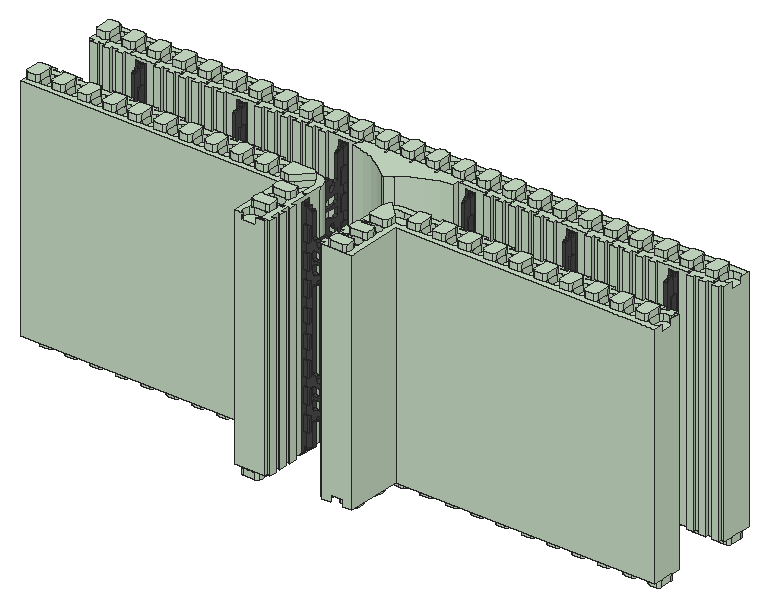
Revit family "ICF- NUDURA 4-inch- Short T Form Unit- Imperial", category Generic Models, Revit 2011 (continued)
Definition of nested family "NUDURA Logo Diamond"
  Lines and regions (in)
    model lines
      curve 182: line (11.68379, 0, 5.75355) -> (12.31108, 0, 5.92483)
      curve 183: line (12.31108, 0, 5.92483) -> (12.31108, 0, 6.28791)
      curve 184: line (12.31108, 0, 6.28791) -> (11.76249, 0, 6.67694)
      curve 185: line (11.76249, 0, 6.67694) -> (11.90321, 0, 6.67694)
      curve 186: line (12.31108, 0, 6.78674) -> (12.31108, 0, 7.63562)
      curve 187: line (12.31108, 0, 7.63562) -> (11.90258, 0, 7.7271)
      curve 188: line (11.82444, 0, 7.82469) -> (11.82444, 0, 7.92839)
      curve 189: line (11.88536, 0, 7.97718) -> (12.31108, 0, 7.88185)
      curve 190: line (12.31108, 0, 7.88185) -> (12.31108, 0, 8.13496)
      curve 191: line (12.31108, 0, 8.13496) -> (12.08042, 0, 8.17826)
      curve 192: line (12.31108, 0, 8.38353) -> (12.31108, 0, 8.9465)
      curve 193: line (12.31108, 0, 8.9465) -> (12.17077, 0, 8.97771)
      curve 194: line (12.17077, 0, 8.97771) -> (12.17077, 0, 8.55476)
      curve 195: line (12.31108, 0, 8.97792) -> (12.31108, 0, 9.21905)
      curve 196: line (12.31108, 0, 9.21905) -> (11.90258, 0, 9.31053)
      curve 197: line (11.82444, 0, 9.40811) -> (11.82444, 0, 9.51182)
      curve 198: line (11.87938, 0, 9.56195) -> (12.31108, 0, 9.46528)
      curve 199: line (12.31108, 0, 9.46528) -> (12.31108, 0, 9.98469)
      curve 200: line (12.31108, 0, 9.98469) -> (11.90664, 0, 10.07526)
      curve 201: line (11.90664, 0, 10.07526) -> (12.31108, 0, 10.20747)
      curve 202: line (12.31108, 0, 10.20747) -> (12.31108, 0, 10.60411)
      curve 203: arc (11.68379, 0, 9.65536) -> (11.73801, 0, 9.7708) -> (11.86146, 0, 9.80279) r 0.15
      curve 204: arc (11.68379, 0, 9.35864) -> (11.74962, 0, 9.17112) -> (11.91823, 0, 9.06589) r 0.3
      curve 205: arc (11.84417, 0, 8.22149) -> (11.72718, 0, 8.32679) -> (11.68379, 0, 8.47809) r 0.28547
      curve 206: arc (11.68379, 0, 8.07193) -> (11.73147, 0, 8.18158) -> (11.84417, 0, 8.22149) r 0.14992
      curve 207: arc (11.68379, 0, 7.77522) -> (11.74962, 0, 7.58769) -> (11.91823, 0, 7.48247) r 0.3
      curve 208: arc (11.82444, 0, 7.82469) -> (11.84638, 0, 7.76218) -> (11.90258, 0, 7.7271) r 0.1
      curve 209: arc (11.82444, 0, 7.92839) -> (11.84318, 0, 7.96742) -> (11.88536, 0, 7.97718) r 0.05
      curve 210: arc (12.12077, 0, 6.90405) -> (12.08541, 0, 6.91869) -> (12.07077, 0, 6.95405) r 0.05
      curve 211: arc (12.16108, 0, 6.90405) -> (12.19644, 0, 6.91869) -> (12.21108, 0, 6.95405) r 0.05
      curve 212: arc (11.97077, 0, 6.99425) -> (11.95612, 0, 6.95889) -> (11.92077, 0, 6.94425) r 0.05
      curve 213: arc (11.90321, 0, 6.67694) -> (11.96756, 0, 6.70069) -> (12.00104, 0, 6.76055) r 0.09904
      curve 214: arc (12.00104, 0, 6.76055) -> (12.1681, 0, 6.63117) -> (12.31108, 0, 6.78674) r 0.15613
      curve 215: arc (12.08042, 0, 8.17826) -> (12.24181, 0, 8.22914) -> (12.31108, 0, 8.38353) r 0.20667
      curve 216: arc (11.82444, 0, 8.55476) -> (11.9976, 0, 8.3816) -> (12.17077, 0, 8.55476) r 0.17317
      curve 217: arc (11.82444, 0, 9.40811) -> (11.84638, 0, 9.34561) -> (11.90258, 0, 9.31053) r 0.1
      curve 218: arc (11.82444, 0, 9.51182) -> (11.8459, 0, 9.55306) -> (11.892, 0, 9.55913) r 0.05034
      curve 219: arc (11.24744, 0, 12.12855) -> (11.35727, 0, 12.39372) -> (11.62244, 0, 12.50355) r 0.375
      curve 220: arc (12.37244, 0, 12.50355) -> (12.6376, 0, 12.39372) -> (12.74744, 0, 12.12855) r 0.375
      curve 221: arc (11.24744, 0, 5.87855) -> (11.35727, 0, 5.61339) -> (11.62244, 0, 5.50355) r 0.375
      curve 222: arc (12.37244, 0, 5.50355) -> (12.6376, 0, 5.61339) -> (12.74744, 0, 5.87855) r 0.375
      curve 223: line (9.99744, 0, 18) -> (9.99744, 0, 0)
      curve 224: line (13.99744, 0, 18) -> (13.99744, 0, 0)
      curve 225: line (15.99744, 0, 18) -> (15.99744, 0, 0)
Definition of nested family "NUDURA Diamond Pattern"
  Reference planes (in)
    plane 1 "Center (Front/Back)": y = 0
    plane 2: z = 0
    plane 3 "Center (Left/Right)": x = 0
    plane 4: z = 18
  Lines and regions (in)
    model lines
      curve 1: line (8, -5.625, 18) -> (8, -5.625, 0)
      curve 2: line (6, -5.625, 18) -> (6, -5.625, 0)
      curve 3: line (2, -5.625, 18) -> (2, -5.625, 0)
      curve 4: line (3.35367, -5.625, 16.98484) -> (3.69709, -5.625, 16.64142)
      curve 5: arc (3.35367, -5.625, 17.51517) -> (3.24384, -5.625, 17.25) -> (3.35367, -5.625, 16.98484) r 0.375
      curve 6: line (3.72867, -5.625, 17.89017) -> (3.35367, -5.625, 17.51517)
      curve 7: arc (4.259, -5.625, 17.89017) -> (3.99384, -5.625, 18) -> (3.72867, -5.625, 17.89017) r 0.375
      curve 8: line (4.634, -5.625, 17.51517) -> (4.259, -5.625, 17.89017)
      curve 9: arc (4.634, -5.625, 16.98484) -> (4.74384, -5.625, 17.25) -> (4.634, -5.625, 17.51517) r 0.375
      curve 10: line (4.29059, -5.625, 16.64142) -> (4.634, -5.625, 16.98484)
      curve 11: arc (4.17062, -5.625, 17.80178) -> (3.99384, -5.625, 17.875) -> (3.81706, -5.625, 17.80178) r 0.25
      curve 12: line (4.54562, -5.625, 17.42678) -> (4.17062, -5.625, 17.80178)
      curve 13: arc (4.54562, -5.625, 17.07322) -> (4.61884, -5.625, 17.25) -> (4.54562, -5.625, 17.42678) r 0.25
      curve 14: line (4.17062, -5.625, 16.69822) -> (4.54562, -5.625, 17.07322)
      curve 15: arc (3.81706, -5.625, 16.69822) -> (3.99384, -5.625, 16.625) -> (4.17062, -5.625, 16.69822) r 0.25
      curve 16: line (3.44206, -5.625, 17.07322) -> (3.81706, -5.625, 16.69822)
      curve 17: arc (3.44206, -5.625, 17.42678) -> (3.36884, -5.625, 17.25) -> (3.44206, -5.625, 17.07322) r 0.25
      curve 18: line (3.81706, -5.625, 17.80178) -> (3.44206, -5.625, 17.42678)
      curve 19: arc (3.69709, -5.625, 16.35858) -> (3.75567, -5.625, 16.5) -> (3.69709, -5.625, 16.64142) r 0.2
      curve 20: line (4.634, -5.625, 16.01517) -> (4.29059, -5.625, 16.35858)
      curve 21: arc (4.634, -5.625, 15.48484) -> (4.74384, -5.625, 15.75) -> (4.634, -5.625, 16.01517) r 0.375
      curve 22: line (4.29059, -5.625, 15.14142) -> (4.634, -5.625, 15.48484)
      curve 23: line (3.35367, -5.625, 15.48484) -> (3.69709, -5.625, 15.14142)
      curve 24: arc (3.35367, -5.625, 16.01517) -> (3.24384, -5.625, 15.75) -> (3.35367, -5.625, 15.48484) r 0.375
      curve 25: line (3.69709, -5.625, 16.35858) -> (3.35367, -5.625, 16.01517)
      curve 26: arc (4.17062, -5.625, 16.30178) -> (3.99384, -5.625, 16.375) -> (3.81706, -5.625, 16.30178) r 0.25
      curve 27: line (3.81706, -5.625, 16.30178) -> (3.44206, -5.625, 15.92678)
      curve 28: arc (3.44206, -5.625, 15.92678) -> (3.36884, -5.625, 15.75) -> (3.44206, -5.625, 15.57322) r 0.25
      curve 29: line (3.44206, -5.625, 15.57322) -> (3.81706, -5.625, 15.19822)
      curve 30: arc (3.81706, -5.625, 15.19822) -> (3.99384, -5.625, 15.125) -> (4.17062, -5.625, 15.19822) r 0.25
      curve 31: line (4.17062, -5.625, 15.19822) -> (4.54562, -5.625, 15.57322)
      curve 32: arc (4.54562, -5.625, 15.57322) -> (4.61884, -5.625, 15.75) -> (4.54562, -5.625, 15.92678) r 0.25
      curve 33: line (4.54562, -5.625, 15.92678) -> (4.17062, -5.625, 16.30178)
      curve 34: arc (3.69709, -5.625, 14.85858) -> (3.75567, -5.625, 15) -> (3.69709, -5.625, 15.14142) r 0.2
      curve 35: line (4.634, -5.625, 14.51517) -> (4.29059, -5.625, 14.85858)
      curve 36: arc (4.634, -5.625, 13.98484) -> (4.74384, -5.625, 14.25) -> (4.634, -5.625, 14.51517) r 0.375
      curve 37: line (4.29059, -5.625, 13.64142) -> (4.634, -5.625, 13.98484)
      curve 38: line (3.35367, -5.625, 13.98484) -> (3.69709, -5.625, 13.64142)
      curve 39: arc (3.35367, -5.625, 14.51517) -> (3.24384, -5.625, 14.25) -> (3.35367, -5.625, 13.98484) r 0.375
      curve 40: line (3.69709, -5.625, 14.85858) -> (3.35367, -5.625, 14.51517)
      curve 41: arc (4.17062, -5.625, 14.80178) -> (3.99384, -5.625, 14.875) -> (3.81706, -5.625, 14.80178) r 0.25
      curve 42: line (3.81706, -5.625, 14.80178) -> (3.44206, -5.625, 14.42678)
      curve 43: arc (3.44206, -5.625, 14.42678) -> (3.36884, -5.625, 14.25) -> (3.44206, -5.625, 14.07322) r 0.25
      curve 44: line (3.44206, -5.625, 14.07322) -> (3.81706, -5.625, 13.69822)
      curve 45: arc (3.81706, -5.625, 13.69822) -> (3.99384, -5.625, 13.625) -> (4.17062, -5.625, 13.69822) r 0.25
      curve 46: line (4.17062, -5.625, 13.69822) -> (4.54562, -5.625, 14.07322)
      curve 47: arc (4.54562, -5.625, 14.07322) -> (4.61884, -5.625, 14.25) -> (4.54562, -5.625, 14.42678) r 0.25
      curve 48: line (4.54562, -5.625, 14.42678) -> (4.17062, -5.625, 14.80178)
      curve 49: arc (3.69709, -5.625, 13.35858) -> (3.75567, -5.625, 13.5) -> (3.69709, -5.625, 13.64142) r 0.2
      curve 50: line (4.634, -5.625, 13.01517) -> (4.29059, -5.625, 13.35858)
      curve 51: arc (4.634, -5.625, 12.48484) -> (4.74384, -5.625, 12.75) -> (4.634, -5.625, 13.01517) r 0.375
      curve 52: line (4.29059, -5.625, 12.14142) -> (4.634, -5.625, 12.48484)
      curve 53: line (3.35367, -5.625, 12.48484) -> (3.69709, -5.625, 12.14142)
      curve 54: arc (3.35367, -5.625, 13.01517) -> (3.24384, -5.625, 12.75) -> (3.35367, -5.625, 12.48484) r 0.375
      curve 55: line (3.69709, -5.625, 13.35858) -> (3.35367, -5.625, 13.01517)
      curve 56: arc (4.17062, -5.625, 13.30178) -> (3.99384, -5.625, 13.375) -> (3.81706, -5.625, 13.30178) r 0.25
      curve 57: line (3.81706, -5.625, 13.30178) -> (3.44206, -5.625, 12.92678)
      curve 58: arc (3.44206, -5.625, 12.92678) -> (3.36884, -5.625, 12.75) -> (3.44206, -5.625, 12.57322) r 0.25
      curve 59: line (3.44206, -5.625, 12.57322) -> (3.81706, -5.625, 12.19822)
      curve 60: arc (3.81706, -5.625, 12.19822) -> (3.99384, -5.625, 12.125) -> (4.17062, -5.625, 12.19822) r 0.25
      curve 61: line (4.17062, -5.625, 12.19822) -> (4.54562, -5.625, 12.57322)
      curve 62: arc (4.54562, -5.625, 12.57322) -> (4.61884, -5.625, 12.75) -> (4.54562, -5.625, 12.92678) r 0.25
      curve 63: line (4.54562, -5.625, 12.92678) -> (4.17062, -5.625, 13.30178)
      curve 64: arc (3.69709, -5.625, 11.85858) -> (3.75567, -5.625, 12) -> (3.69709, -5.625, 12.14142) r 0.2
      curve 65: line (4.634, -5.625, 11.51517) -> (4.29059, -5.625, 11.85858)
      curve 66: arc (4.634, -5.625, 10.98484) -> (4.74384, -5.625, 11.25) -> (4.634, -5.625, 11.51517) r 0.375
      curve 67: line (4.29059, -5.625, 10.64142) -> (4.634, -5.625, 10.98484)
      curve 68: line (3.35367, -5.625, 10.98484) -> (3.69709, -5.625, 10.64142)
      curve 69: arc (3.35367, -5.625, 11.51517) -> (3.24384, -5.625, 11.25) -> (3.35367, -5.625, 10.98484) r 0.375
      curve 70: line (3.69709, -5.625, 11.85858) -> (3.35367, -5.625, 11.51517)
      curve 71: arc (4.17062, -5.625, 11.80178) -> (3.99384, -5.625, 11.875) -> (3.81706, -5.625, 11.80178) r 0.25
      curve 72: line (3.81706, -5.625, 11.80178) -> (3.44206, -5.625, 11.42678)
      curve 73: arc (3.44206, -5.625, 11.42678) -> (3.36884, -5.625, 11.25) -> (3.44206, -5.625, 11.07322) r 0.25
      curve 74: line (3.44206, -5.625, 11.07322) -> (3.81706, -5.625, 10.69822)
      curve 75: arc (3.81706, -5.625, 10.69822) -> (3.99384, -5.625, 10.625) -> (4.17062, -5.625, 10.69822) r 0.25
      curve 76: line (4.17062, -5.625, 10.69822) -> (4.54562, -5.625, 11.07322)
      curve 77: arc (4.54562, -5.625, 11.07322) -> (4.61884, -5.625, 11.25) -> (4.54562, -5.625, 11.42678) r 0.25
      curve 78: line (4.54562, -5.625, 11.42678) -> (4.17062, -5.625, 11.80178)
      curve 79: arc (3.69709, -5.625, 10.35858) -> (3.75567, -5.625, 10.5) -> (3.69709, -5.625, 10.64142) r 0.2
      curve 80: line (4.634, -5.625, 10.01517) -> (4.29059, -5.625, 10.35858)
      curve 81: arc (4.634, -5.625, 9.48484) -> (4.74384, -5.625, 9.75) -> (4.634, -5.625, 10.01517) r 0.375
      curve 82: line (4.29059, -5.625, 9.14142) -> (4.634, -5.625, 9.48484)
      curve 83: line (3.35367, -5.625, 9.48484) -> (3.69709, -5.625, 9.14142)
      curve 84: arc (3.35367, -5.625, 10.01517) -> (3.24384, -5.625, 9.75) -> (3.35367, -5.625, 9.48484) r 0.375
      curve 85: line (3.69709, -5.625, 10.35858) -> (3.35367, -5.625, 10.01517)
      curve 86: arc (4.17062, -5.625, 10.30178) -> (3.99384, -5.625, 10.375) -> (3.81706, -5.625, 10.30178) r 0.25
      curve 87: line (3.81706, -5.625, 10.30178) -> (3.44206, -5.625, 9.92678)
      curve 88: arc (3.44206, -5.625, 9.92678) -> (3.36884, -5.625, 9.75) -> (3.44206, -5.625, 9.57322) r 0.25
      curve 89: line (3.44206, -5.625, 9.57322) -> (3.81706, -5.625, 9.19822)
      curve 90: arc (3.81706, -5.625, 9.19822) -> (3.99384, -5.625, 9.125) -> (4.17062, -5.625, 9.19822) r 0.25
      curve 91: line (4.17062, -5.625, 9.19822) -> (4.54562, -5.625, 9.57322)
      curve 92: arc (4.54562, -5.625, 9.57322) -> (4.61884, -5.625, 9.75) -> (4.54562, -5.625, 9.92678) r 0.25
      curve 93: line (4.54562, -5.625, 9.92678) -> (4.17062, -5.625, 10.30178)
      curve 94: arc (3.69709, -5.625, 8.85858) -> (3.75567, -5.625, 9) -> (3.69709, -5.625, 9.14142) r 0.2
      curve 95: line (4.634, -5.625, 8.51517) -> (4.29059, -5.625, 8.85858)
      curve 96: arc (4.634, -5.625, 7.98484) -> (4.74384, -5.625, 8.25) -> (4.634, -5.625, 8.51517) r 0.375
      curve 97: line (4.29059, -5.625, 7.64142) -> (4.634, -5.625, 7.98484)
      curve 98: line (3.35367, -5.625, 7.98484) -> (3.69709, -5.625, 7.64142)
      curve 99: arc (3.35367, -5.625, 8.51517) -> (3.24384, -5.625, 8.25) -> (3.35367, -5.625, 7.98484) r 0.375
      curve 100: line (3.69709, -5.625, 8.85858) -> (3.35367, -5.625, 8.51517)
      curve 101: arc (4.17062, -5.625, 8.80178) -> (3.99384, -5.625, 8.875) -> (3.81706, -5.625, 8.80178) r 0.25
      curve 102: line (3.81706, -5.625, 8.80178) -> (3.44206, -5.625, 8.42678)
      curve 103: arc (3.44206, -5.625, 8.42678) -> (3.36884, -5.625, 8.25) -> (3.44206, -5.625, 8.07322) r 0.25
      curve 104: line (3.44206, -5.625, 8.07322) -> (3.81706, -5.625, 7.69822)
      curve 105: arc (3.81706, -5.625, 7.69822) -> (3.99384, -5.625, 7.625) -> (4.17062, -5.625, 7.69822) r 0.25
      curve 106: line (4.17062, -5.625, 7.69822) -> (4.54562, -5.625, 8.07322)
      curve 107: arc (4.54562, -5.625, 8.07322) -> (4.61884, -5.625, 8.25) -> (4.54562, -5.625, 8.42678) r 0.25
      curve 108: line (4.54562, -5.625, 8.42678) -> (4.17062, -5.625, 8.80178)
      curve 109: arc (3.69709, -5.625, 7.35858) -> (3.75567, -5.625, 7.5) -> (3.69709, -5.625, 7.64142) r 0.2
      curve 110: line (4.634, -5.625, 7.01517) -> (4.29059, -5.625, 7.35858)
      curve 111: arc (4.634, -5.625, 6.48484) -> (4.74384, -5.625, 6.75) -> (4.634, -5.625, 7.01517) r 0.375
      curve 112: line (4.29059, -5.625, 6.14142) -> (4.634, -5.625, 6.48484)
      curve 113: line (3.35367, -5.625, 6.48484) -> (3.69709, -5.625, 6.14142)
      curve 114: arc (3.35367, -5.625, 7.01517) -> (3.24384, -5.625, 6.75) -> (3.35367, -5.625, 6.48484) r 0.375
      curve 115: line (3.69709, -5.625, 7.35858) -> (3.35367, -5.625, 7.01517)
      curve 116: arc (4.17062, -5.625, 7.30178) -> (3.99384, -5.625, 7.375) -> (3.81706, -5.625, 7.30178) r 0.25
      curve 117: line (3.81706, -5.625, 7.30178) -> (3.44206, -5.625, 6.92678)
      curve 118: arc (3.44206, -5.625, 6.92678) -> (3.36884, -5.625, 6.75) -> (3.44206, -5.625, 6.57322) r 0.25
      curve 119: line (3.44206, -5.625, 6.57322) -> (3.81706, -5.625, 6.19822)
      curve 120: arc (3.81706, -5.625, 6.19822) -> (3.99384, -5.625, 6.125) -> (4.17062, -5.625, 6.19822) r 0.25
      curve 121: line (4.17062, -5.625, 6.19822) -> (4.54562, -5.625, 6.57322)
      curve 122: arc (4.54562, -5.625, 6.57322) -> (4.61884, -5.625, 6.75) -> (4.54562, -5.625, 6.92678) r 0.25
      curve 123: line (4.54562, -5.625, 6.92678) -> (4.17062, -5.625, 7.30178)
      curve 124: arc (3.69709, -5.625, 5.85858) -> (3.75567, -5.625, 6) -> (3.69709, -5.625, 6.14142) r 0.2
      curve 125: line (4.634, -5.625, 5.51517) -> (4.29059, -5.625, 5.85858)
      curve 126: arc (4.634, -5.625, 4.98484) -> (4.74384, -5.625, 5.25) -> (4.634, -5.625, 5.51517) r 0.375
      curve 127: line (4.29059, -5.625, 4.64142) -> (4.634, -5.625, 4.98484)
      curve 128: line (3.35367, -5.625, 4.98484) -> (3.69709, -5.625, 4.64142)
      curve 129: arc (3.35367, -5.625, 5.51517) -> (3.24384, -5.625, 5.25) -> (3.35367, -5.625, 4.98484) r 0.375
      curve 130: line (3.69709, -5.625, 5.85858) -> (3.35367, -5.625, 5.51517)
      curve 131: arc (4.17062, -5.625, 5.80178) -> (3.99384, -5.625, 5.875) -> (3.81706, -5.625, 5.80178) r 0.25
      curve 132: line (3.81706, -5.625, 5.80178) -> (3.44206, -5.625, 5.42678)
      curve 133: arc (3.44206, -5.625, 5.42678) -> (3.36884, -5.625, 5.25) -> (3.44206, -5.625, 5.07322) r 0.25
      curve 134: line (3.44206, -5.625, 5.07322) -> (3.81706, -5.625, 4.69822)
      curve 135: arc (3.81706, -5.625, 4.69822) -> (3.99384, -5.625, 4.625) -> (4.17062, -5.625, 4.69822) r 0.25
      curve 136: line (4.17062, -5.625, 4.69822) -> (4.54562, -5.625, 5.07322)
      curve 137: arc (4.54562, -5.625, 5.07322) -> (4.61884, -5.625, 5.25) -> (4.54562, -5.625, 5.42678) r 0.25
      curve 138: line (4.54562, -5.625, 5.42678) -> (4.17062, -5.625, 5.80178)
      curve 139: arc (3.69709, -5.625, 4.35858) -> (3.75567, -5.625, 4.5) -> (3.69709, -5.625, 4.64142) r 0.2
      curve 140: line (4.634, -5.625, 4.01517) -> (4.29059, -5.625, 4.35858)
      curve 141: arc (4.634, -5.625, 3.48484) -> (4.74384, -5.625, 3.75) -> (4.634, -5.625, 4.01517) r 0.375
      curve 142: line (4.29059, -5.625, 3.14142) -> (4.634, -5.625, 3.48484)
      curve 143: line (3.35367, -5.625, 3.48484) -> (3.69709, -5.625, 3.14142)
      curve 144: arc (3.35367, -5.625, 4.01517) -> (3.24384, -5.625, 3.75) -> (3.35367, -5.625, 3.48484) r 0.375
      curve 145: line (3.69709, -5.625, 4.35858) -> (3.35367, -5.625, 4.01517)
      curve 146: arc (4.17062, -5.625, 4.30178) -> (3.99384, -5.625, 4.375) -> (3.81706, -5.625, 4.30178) r 0.25
      curve 147: line (3.81706, -5.625, 4.30178) -> (3.44206, -5.625, 3.92678)
      curve 148: arc (3.44206, -5.625, 3.92678) -> (3.36884, -5.625, 3.75) -> (3.44206, -5.625, 3.57322) r 0.25
      curve 149: line (3.44206, -5.625, 3.57322) -> (3.81706, -5.625, 3.19822)
      curve 150: arc (3.81706, -5.625, 3.19822) -> (3.99384, -5.625, 3.125) -> (4.17062, -5.625, 3.19822) r 0.25
      curve 151: line (4.17062, -5.625, 3.19822) -> (4.54562, -5.625, 3.57322)
      curve 152: arc (4.54562, -5.625, 3.57322) -> (4.61884, -5.625, 3.75) -> (4.54562, -5.625, 3.92678) r 0.25
      curve 153: line (4.54562, -5.625, 3.92678) -> (4.17062, -5.625, 4.30178)
      curve 154: arc (3.69709, -5.625, 2.85858) -> (3.75567, -5.625, 3) -> (3.69709, -5.625, 3.14142) r 0.2
      curve 155: line (4.634, -5.625, 2.51517) -> (4.29059, -5.625, 2.85858)
      curve 156: arc (4.634, -5.625, 1.98484) -> (4.74384, -5.625, 2.25) -> (4.634, -5.625, 2.51517) r 0.375
      curve 157: line (4.29059, -5.625, 1.64142) -> (4.634, -5.625, 1.98484)
      curve 158: line (3.35367, -5.625, 1.98484) -> (3.69709, -5.625, 1.64142)
      curve 159: arc (3.35367, -5.625, 2.51517) -> (3.24384, -5.625, 2.25) -> (3.35367, -5.625, 1.98484) r 0.375
      curve 160: line (3.69709, -5.625, 2.85858) -> (3.35367, -5.625, 2.51517)
      curve 161: arc (4.17062, -5.625, 2.80178) -> (3.99384, -5.625, 2.875) -> (3.81706, -5.625, 2.80178) r 0.25
      curve 162: line (3.81706, -5.625, 2.80178) -> (3.44206, -5.625, 2.42678)
      curve 163: arc (3.44206, -5.625, 2.42678) -> (3.36884, -5.625, 2.25) -> (3.44206, -5.625, 2.07322) r 0.25
      curve 164: line (3.44206, -5.625, 2.07322) -> (3.81706, -5.625, 1.69822)
      curve 165: arc (3.81706, -5.625, 1.69822) -> (3.99384, -5.625, 1.625) -> (4.17062, -5.625, 1.69822) r 0.25
      curve 166: line (4.17062, -5.625, 1.69822) -> (4.54562, -5.625, 2.07322)
      curve 167: arc (4.54562, -5.625, 2.07322) -> (4.61884, -5.625, 2.25) -> (4.54562, -5.625, 2.42678) r 0.25
      curve 168: line (4.54562, -5.625, 2.42678) -> (4.17062, -5.625, 2.80178)
      curve 169: arc (3.69709, -5.625, 1.35858) -> (3.75567, -5.625, 1.5) -> (3.69709, -5.625, 1.64142) r 0.2
      curve 170: line (3.69709, -5.625, 1.35858) -> (3.35367, -5.625, 1.01517)
      curve 171: arc (3.35367, -5.625, 1.01517) -> (3.24384, -5.625, 0.75) -> (3.35367, -5.625, 0.48484) r 0.375
      curve 172: line (3.35367, -5.625, 0.48484) -> (3.72867, -5.625, 0.10984)
      curve 173: arc (3.72867, -5.625, 0.10984) -> (3.99384, -5.625, 0) -> (4.259, -5.625, 0.10984) r 0.375
      curve 174: line (4.259, -5.625, 0.10984) -> (4.634, -5.625, 0.48484)
      curve 175: arc (4.634, -5.625, 0.48484) -> (4.74384, -5.625, 0.75) -> (4.634, -5.625, 1.01517) r 0.375
      curve 176: line (4.634, -5.625, 1.01517) -> (4.29059, -5.625, 1.35858)
      curve 177: arc (4.29059, -5.625, 1.64142) -> (4.23201, -5.625, 1.5) -> (4.29059, -5.625, 1.35858) r 0.2
      curve 178: arc (4.17062, -5.625, 1.30178) -> (3.99384, -5.625, 1.375) -> (3.81706, -5.625, 1.30178) r 0.25
      curve 179: line (4.54562, -5.625, 0.92678) -> (4.17062, -5.625, 1.30178)
      curve 180: arc (4.54562, -5.625, 0.57322) -> (4.61884, -5.625, 0.75) -> (4.54562, -5.625, 0.92678) r 0.25
      curve 181: line (4.17062, -5.625, 0.19822) -> (4.54562, -5.625, 0.57322)
      curve 182: arc (3.81706, -5.625, 0.19822) -> (3.99384, -5.625, 0.125) -> (4.17062, -5.625, 0.19822) r 0.25
      curve 183: line (3.44206, -5.625, 0.57322) -> (3.81706, -5.625, 0.19822)
      curve 184: arc (3.44206, -5.625, 0.92678) -> (3.36884, -5.625, 0.75) -> (3.44206, -5.625, 0.57322) r 0.25
      curve 185: line (3.81706, -5.625, 1.30178) -> (3.44206, -5.625, 0.92678)
      curve 186: arc (4.29059, -5.625, 3.14142) -> (4.23201, -5.625, 3) -> (4.29059, -5.625, 2.85858) r 0.2
      curve 187: arc (4.29059, -5.625, 4.64142) -> (4.23201, -5.625, 4.5) -> (4.29059, -5.625, 4.35858) r 0.2
      curve 188: arc (4.29059, -5.625, 6.14142) -> (4.23201, -5.625, 6) -> (4.29059, -5.625, 5.85858) r 0.2
      curve 189: arc (4.29059, -5.625, 7.64142) -> (4.23201, -5.625, 7.5) -> (4.29059, -5.625, 7.35858) r 0.2
      curve 190: arc (4.29059, -5.625, 9.14142) -> (4.23201, -5.625, 9) -> (4.29059, -5.625, 8.85858) r 0.2
      curve 191: arc (4.29059, -5.625, 10.64142) -> (4.23201, -5.625, 10.5) -> (4.29059, -5.625, 10.35858) r 0.2
      curve 192: arc (4.29059, -5.625, 12.14142) -> (4.23201, -5.625, 12) -> (4.29059, -5.625, 11.85858) r 0.2
      curve 193: arc (4.29059, -5.625, 13.64142) -> (4.23201, -5.625, 13.5) -> (4.29059, -5.625, 13.35858) r 0.2
      curve 194: arc (4.29059, -5.625, 15.14142) -> (4.23201, -5.625, 15) -> (4.29059, -5.625, 14.85858) r 0.2
      curve 195: arc (4.29059, -5.625, 16.64142) -> (4.23201, -5.625, 16.5) -> (4.29059, -5.625, 16.35858) r 0.2
Definition of nested family "NUDURA Diamond Pattern Missing Left Line"
  Reference planes (in)
    plane 1 "Center (Front/Back)": y = 0
    plane 2: z = 0
    plane 3 "Center (Left/Right)": x = 0
    plane 4: z = 18
  Lines and regions (in)
    model lines
      curve 1: line (8, -5.625, 18) -> (8, -5.625, 0)
      curve 2: line (6, -5.625, 18) -> (6, -5.625, 0)
      curve 3: line (3.35367, -5.625, 16.98484) -> (3.69709, -5.625, 16.64142)
      curve 4: arc (3.35367, -5.625, 17.51517) -> (3.24384, -5.625, 17.25) -> (3.35367, -5.625, 16.98484) r 0.375
      curve 5: line (3.72867, -5.625, 17.89017) -> (3.35367, -5.625, 17.51517)
      curve 6: arc (4.259, -5.625, 17.89017) -> (3.99384, -5.625, 18) -> (3.72867, -5.625, 17.89017) r 0.375
      curve 7: line (4.634, -5.625, 17.51517) -> (4.259, -5.625, 17.89017)
      curve 8: arc (4.634, -5.625, 16.98484) -> (4.74384, -5.625, 17.25) -> (4.634, -5.625, 17.51517) r 0.375
      curve 9: line (4.29059, -5.625, 16.64142) -> (4.634, -5.625, 16.98484)
      curve 10: arc (4.17062, -5.625, 17.80178) -> (3.99384, -5.625, 17.875) -> (3.81706, -5.625, 17.80178) r 0.25
      curve 11: line (4.54562, -5.625, 17.42678) -> (4.17062, -5.625, 17.80178)
      curve 12: arc (4.54562, -5.625, 17.07322) -> (4.61884, -5.625, 17.25) -> (4.54562, -5.625, 17.42678) r 0.25
      curve 13: line (4.17062, -5.625, 16.69822) -> (4.54562, -5.625, 17.07322)
      curve 14: arc (3.81706, -5.625, 16.69822) -> (3.99384, -5.625, 16.625) -> (4.17062, -5.625, 16.69822) r 0.25
      curve 15: line (3.44206, -5.625, 17.07322) -> (3.81706, -5.625, 16.69822)
      curve 16: arc (3.44206, -5.625, 17.42678) -> (3.36884, -5.625, 17.25) -> (3.44206, -5.625, 17.07322) r 0.25
      curve 17: line (3.81706, -5.625, 17.80178) -> (3.44206, -5.625, 17.42678)
      curve 18: arc (3.69709, -5.625, 16.35858) -> (3.75567, -5.625, 16.5) -> (3.69709, -5.625, 16.64142) r 0.2
      curve 19: line (4.634, -5.625, 16.01517) -> (4.29059, -5.625, 16.35858)
      curve 20: arc (4.634, -5.625, 15.48484) -> (4.74384, -5.625, 15.75) -> (4.634, -5.625, 16.01517) r 0.375
      curve 21: line (4.29059, -5.625, 15.14142) -> (4.634, -5.625, 15.48484)
      curve 22: line (3.35367, -5.625, 15.48484) -> (3.69709, -5.625, 15.14142)
      curve 23: arc (3.35367, -5.625, 16.01517) -> (3.24384, -5.625, 15.75) -> (3.35367, -5.625, 15.48484) r 0.375
      curve 24: line (3.69709, -5.625, 16.35858) -> (3.35367, -5.625, 16.01517)
      curve 25: arc (4.17062, -5.625, 16.30178) -> (3.99384, -5.625, 16.375) -> (3.81706, -5.625, 16.30178) r 0.25
      curve 26: line (3.81706, -5.625, 16.30178) -> (3.44206, -5.625, 15.92678)
      curve 27: arc (3.44206, -5.625, 15.92678) -> (3.36884, -5.625, 15.75) -> (3.44206, -5.625, 15.57322) r 0.25
      curve 28: line (3.44206, -5.625, 15.57322) -> (3.81706, -5.625, 15.19822)
      curve 29: arc (3.81706, -5.625, 15.19822) -> (3.99384, -5.625, 15.125) -> (4.17062, -5.625, 15.19822) r 0.25
      curve 30: line (4.17062, -5.625, 15.19822) -> (4.54562, -5.625, 15.57322)
      curve 31: arc (4.54562, -5.625, 15.57322) -> (4.61884, -5.625, 15.75) -> (4.54562, -5.625, 15.92678) r 0.25
      curve 32: line (4.54562, -5.625, 15.92678) -> (4.17062, -5.625, 16.30178)
      curve 33: arc (3.69709, -5.625, 14.85858) -> (3.75567, -5.625, 15) -> (3.69709, -5.625, 15.14142) r 0.2
      curve 34: line (4.634, -5.625, 14.51517) -> (4.29059, -5.625, 14.85858)
      curve 35: arc (4.634, -5.625, 13.98484) -> (4.74384, -5.625, 14.25) -> (4.634, -5.625, 14.51517) r 0.375
      curve 36: line (4.29059, -5.625, 13.64142) -> (4.634, -5.625, 13.98484)
      curve 37: line (3.35367, -5.625, 13.98484) -> (3.69709, -5.625, 13.64142)
      curve 38: arc (3.35367, -5.625, 14.51517) -> (3.24384, -5.625, 14.25) -> (3.35367, -5.625, 13.98484) r 0.375
      curve 39: line (3.69709, -5.625, 14.85858) -> (3.35367, -5.625, 14.51517)
      curve 40: arc (4.17062, -5.625, 14.80178) -> (3.99384, -5.625, 14.875) -> (3.81706, -5.625, 14.80178) r 0.25
      curve 41: line (3.81706, -5.625, 14.80178) -> (3.44206, -5.625, 14.42678)
      curve 42: arc (3.44206, -5.625, 14.42678) -> (3.36884, -5.625, 14.25) -> (3.44206, -5.625, 14.07322) r 0.25
      curve 43: line (3.44206, -5.625, 14.07322) -> (3.81706, -5.625, 13.69822)
      curve 44: arc (3.81706, -5.625, 13.69822) -> (3.99384, -5.625, 13.625) -> (4.17062, -5.625, 13.69822) r 0.25
      curve 45: line (4.17062, -5.625, 13.69822) -> (4.54562, -5.625, 14.07322)
      curve 46: arc (4.54562, -5.625, 14.07322) -> (4.61884, -5.625, 14.25) -> (4.54562, -5.625, 14.42678) r 0.25
      curve 47: line (4.54562, -5.625, 14.42678) -> (4.17062, -5.625, 14.80178)
      curve 48: arc (3.69709, -5.625, 13.35858) -> (3.75567, -5.625, 13.5) -> (3.69709, -5.625, 13.64142) r 0.2
      curve 49: line (4.634, -5.625, 13.01517) -> (4.29059, -5.625, 13.35858)
      curve 50: arc (4.634, -5.625, 12.48484) -> (4.74384, -5.625, 12.75) -> (4.634, -5.625, 13.01517) r 0.375
      curve 51: line (4.29059, -5.625, 12.14142) -> (4.634, -5.625, 12.48484)
      curve 52: line (3.35367, -5.625, 12.48484) -> (3.69709, -5.625, 12.14142)
      curve 53: arc (3.35367, -5.625, 13.01517) -> (3.24384, -5.625, 12.75) -> (3.35367, -5.625, 12.48484) r 0.375
      curve 54: line (3.69709, -5.625, 13.35858) -> (3.35367, -5.625, 13.01517)
      curve 55: arc (4.17062, -5.625, 13.30178) -> (3.99384, -5.625, 13.375) -> (3.81706, -5.625, 13.30178) r 0.25
      curve 56: line (3.81706, -5.625, 13.30178) -> (3.44206, -5.625, 12.92678)
      curve 57: arc (3.44206, -5.625, 12.92678) -> (3.36884, -5.625, 12.75) -> (3.44206, -5.625, 12.57322) r 0.25
      curve 58: line (3.44206, -5.625, 12.57322) -> (3.81706, -5.625, 12.19822)
      curve 59: arc (3.81706, -5.625, 12.19822) -> (3.99384, -5.625, 12.125) -> (4.17062, -5.625, 12.19822) r 0.25
      curve 60: line (4.17062, -5.625, 12.19822) -> (4.54562, -5.625, 12.57322)
      curve 61: arc (4.54562, -5.625, 12.57322) -> (4.61884, -5.625, 12.75) -> (4.54562, -5.625, 12.92678) r 0.25
      curve 62: line (4.54562, -5.625, 12.92678) -> (4.17062, -5.625, 13.30178)
      curve 63: arc (3.69709, -5.625, 11.85858) -> (3.75567, -5.625, 12) -> (3.69709, -5.625, 12.14142) r 0.2
      curve 64: line (4.634, -5.625, 11.51517) -> (4.29059, -5.625, 11.85858)
      curve 65: arc (4.634, -5.625, 10.98484) -> (4.74384, -5.625, 11.25) -> (4.634, -5.625, 11.51517) r 0.375
      curve 66: line (4.29059, -5.625, 10.64142) -> (4.634, -5.625, 10.98484)
      curve 67: line (3.35367, -5.625, 10.98484) -> (3.69709, -5.625, 10.64142)
      curve 68: arc (3.35367, -5.625, 11.51517) -> (3.24384, -5.625, 11.25) -> (3.35367, -5.625, 10.98484) r 0.375
      curve 69: line (3.69709, -5.625, 11.85858) -> (3.35367, -5.625, 11.51517)
      curve 70: arc (4.17062, -5.625, 11.80178) -> (3.99384, -5.625, 11.875) -> (3.81706, -5.625, 11.80178) r 0.25
      curve 71: line (3.81706, -5.625, 11.80178) -> (3.44206, -5.625, 11.42678)
      curve 72: arc (3.44206, -5.625, 11.42678) -> (3.36884, -5.625, 11.25) -> (3.44206, -5.625, 11.07322) r 0.25
      curve 73: line (3.44206, -5.625, 11.07322) -> (3.81706, -5.625, 10.69822)
      curve 74: arc (3.81706, -5.625, 10.69822) -> (3.99384, -5.625, 10.625) -> (4.17062, -5.625, 10.69822) r 0.25
      curve 75: line (4.17062, -5.625, 10.69822) -> (4.54562, -5.625, 11.07322)
      curve 76: arc (4.54562, -5.625, 11.07322) -> (4.61884, -5.625, 11.25) -> (4.54562, -5.625, 11.42678) r 0.25
      curve 77: line (4.54562, -5.625, 11.42678) -> (4.17062, -5.625, 11.80178)
      curve 78: arc (3.69709, -5.625, 10.35858) -> (3.75567, -5.625, 10.5) -> (3.69709, -5.625, 10.64142) r 0.2
      curve 79: line (4.634, -5.625, 10.01517) -> (4.29059, -5.625, 10.35858)
      curve 80: arc (4.634, -5.625, 9.48484) -> (4.74384, -5.625, 9.75) -> (4.634, -5.625, 10.01517) r 0.375
      curve 81: line (4.29059, -5.625, 9.14142) -> (4.634, -5.625, 9.48484)
      curve 82: line (3.35367, -5.625, 9.48484) -> (3.69709, -5.625, 9.14142)
      curve 83: arc (3.35367, -5.625, 10.01517) -> (3.24384, -5.625, 9.75) -> (3.35367, -5.625, 9.48484) r 0.375
      curve 84: line (3.69709, -5.625, 10.35858) -> (3.35367, -5.625, 10.01517)
      curve 85: arc (4.17062, -5.625, 10.30178) -> (3.99384, -5.625, 10.375) -> (3.81706, -5.625, 10.30178) r 0.25
      curve 86: line (3.81706, -5.625, 10.30178) -> (3.44206, -5.625, 9.92678)
      curve 87: arc (3.44206, -5.625, 9.92678) -> (3.36884, -5.625, 9.75) -> (3.44206, -5.625, 9.57322) r 0.25
      curve 88: line (3.44206, -5.625, 9.57322) -> (3.81706, -5.625, 9.19822)
      curve 89: arc (3.81706, -5.625, 9.19822) -> (3.99384, -5.625, 9.125) -> (4.17062, -5.625, 9.19822) r 0.25
      curve 90: line (4.17062, -5.625, 9.19822) -> (4.54562, -5.625, 9.57322)
      curve 91: arc (4.54562, -5.625, 9.57322) -> (4.61884, -5.625, 9.75) -> (4.54562, -5.625, 9.92678) r 0.25
      curve 92: line (4.54562, -5.625, 9.92678) -> (4.17062, -5.625, 10.30178)
      curve 93: arc (3.69709, -5.625, 8.85858) -> (3.75567, -5.625, 9) -> (3.69709, -5.625, 9.14142) r 0.2
      curve 94: line (4.634, -5.625, 8.51517) -> (4.29059, -5.625, 8.85858)
      curve 95: arc (4.634, -5.625, 7.98484) -> (4.74384, -5.625, 8.25) -> (4.634, -5.625, 8.51517) r 0.375
      curve 96: line (4.29059, -5.625, 7.64142) -> (4.634, -5.625, 7.98484)
      curve 97: line (3.35367, -5.625, 7.98484) -> (3.69709, -5.625, 7.64142)
      curve 98: arc (3.35367, -5.625, 8.51517) -> (3.24384, -5.625, 8.25) -> (3.35367, -5.625, 7.98484) r 0.375
      curve 99: line (3.69709, -5.625, 8.85858) -> (3.35367, -5.625, 8.51517)
      curve 100: arc (4.17062, -5.625, 8.80178) -> (3.99384, -5.625, 8.875) -> (3.81706, -5.625, 8.80178) r 0.25
      curve 101: line (3.81706, -5.625, 8.80178) -> (3.44206, -5.625, 8.42678)
      curve 102: arc (3.44206, -5.625, 8.42678) -> (3.36884, -5.625, 8.25) -> (3.44206, -5.625, 8.07322) r 0.25
      curve 103: line (3.44206, -5.625, 8.07322) -> (3.81706, -5.625, 7.69822)
      curve 104: arc (3.81706, -5.625, 7.69822) -> (3.99384, -5.625, 7.625) -> (4.17062, -5.625, 7.69822) r 0.25
      curve 105: line (4.17062, -5.625, 7.69822) -> (4.54562, -5.625, 8.07322)
      curve 106: arc (4.54562, -5.625, 8.07322) -> (4.61884, -5.625, 8.25) -> (4.54562, -5.625, 8.42678) r 0.25
      curve 107: line (4.54562, -5.625, 8.42678) -> (4.17062, -5.625, 8.80178)
      curve 108: arc (3.69709, -5.625, 7.35858) -> (3.75567, -5.625, 7.5) -> (3.69709, -5.625, 7.64142) r 0.2
      curve 109: line (4.634, -5.625, 7.01517) -> (4.29059, -5.625, 7.35858)
      curve 110: arc (4.634, -5.625, 6.48484) -> (4.74384, -5.625, 6.75) -> (4.634, -5.625, 7.01517) r 0.375
      curve 111: line (4.29059, -5.625, 6.14142) -> (4.634, -5.625, 6.48484)
      curve 112: line (3.35367, -5.625, 6.48484) -> (3.69709, -5.625, 6.14142)
      curve 113: arc (3.35367, -5.625, 7.01517) -> (3.24384, -5.625, 6.75) -> (3.35367, -5.625, 6.48484) r 0.375
      curve 114: line (3.69709, -5.625, 7.35858) -> (3.35367, -5.625, 7.01517)
      curve 115: arc (4.17062, -5.625, 7.30178) -> (3.99384, -5.625, 7.375) -> (3.81706, -5.625, 7.30178) r 0.25
      curve 116: line (3.81706, -5.625, 7.30178) -> (3.44206, -5.625, 6.92678)
      curve 117: arc (3.44206, -5.625, 6.92678) -> (3.36884, -5.625, 6.75) -> (3.44206, -5.625, 6.57322) r 0.25
      curve 118: line (3.44206, -5.625, 6.57322) -> (3.81706, -5.625, 6.19822)
      curve 119: arc (3.81706, -5.625, 6.19822) -> (3.99384, -5.625, 6.125) -> (4.17062, -5.625, 6.19822) r 0.25
      curve 120: line (4.17062, -5.625, 6.19822) -> (4.54562, -5.625, 6.57322)
      curve 121: arc (4.54562, -5.625, 6.57322) -> (4.61884, -5.625, 6.75) -> (4.54562, -5.625, 6.92678) r 0.25
      curve 122: line (4.54562, -5.625, 6.92678) -> (4.17062, -5.625, 7.30178)
      curve 123: arc (3.69709, -5.625, 5.85858) -> (3.75567, -5.625, 6) -> (3.69709, -5.625, 6.14142) r 0.2
      curve 124: line (4.634, -5.625, 5.51517) -> (4.29059, -5.625, 5.85858)
      curve 125: arc (4.634, -5.625, 4.98484) -> (4.74384, -5.625, 5.25) -> (4.634, -5.625, 5.51517) r 0.375
      curve 126: line (4.29059, -5.625, 4.64142) -> (4.634, -5.625, 4.98484)
      curve 127: line (3.35367, -5.625, 4.98484) -> (3.69709, -5.625, 4.64142)
      curve 128: arc (3.35367, -5.625, 5.51517) -> (3.24384, -5.625, 5.25) -> (3.35367, -5.625, 4.98484) r 0.375
      curve 129: line (3.69709, -5.625, 5.85858) -> (3.35367, -5.625, 5.51517)
      curve 130: arc (4.17062, -5.625, 5.80178) -> (3.99384, -5.625, 5.875) -> (3.81706, -5.625, 5.80178) r 0.25
      curve 131: line (3.81706, -5.625, 5.80178) -> (3.44206, -5.625, 5.42678)
      curve 132: arc (3.44206, -5.625, 5.42678) -> (3.36884, -5.625, 5.25) -> (3.44206, -5.625, 5.07322) r 0.25
      curve 133: line (3.44206, -5.625, 5.07322) -> (3.81706, -5.625, 4.69822)
      curve 134: arc (3.81706, -5.625, 4.69822) -> (3.99384, -5.625, 4.625) -> (4.17062, -5.625, 4.69822) r 0.25
      curve 135: line (4.17062, -5.625, 4.69822) -> (4.54562, -5.625, 5.07322)
      curve 136: arc (4.54562, -5.625, 5.07322) -> (4.61884, -5.625, 5.25) -> (4.54562, -5.625, 5.42678) r 0.25
      curve 137: line (4.54562, -5.625, 5.42678) -> (4.17062, -5.625, 5.80178)
      curve 138: arc (3.69709, -5.625, 4.35858) -> (3.75567, -5.625, 4.5) -> (3.69709, -5.625, 4.64142) r 0.2
      curve 139: line (4.634, -5.625, 4.01517) -> (4.29059, -5.625, 4.35858)
      curve 140: arc (4.634, -5.625, 3.48484) -> (4.74384, -5.625, 3.75) -> (4.634, -5.625, 4.01517) r 0.375
      curve 141: line (4.29059, -5.625, 3.14142) -> (4.634, -5.625, 3.48484)
      curve 142: line (3.35367, -5.625, 3.48484) -> (3.69709, -5.625, 3.14142)
      curve 143: arc (3.35367, -5.625, 4.01517) -> (3.24384, -5.625, 3.75) -> (3.35367, -5.625, 3.48484) r 0.375
      curve 144: line (3.69709, -5.625, 4.35858) -> (3.35367, -5.625, 4.01517)
      curve 145: arc (4.17062, -5.625, 4.30178) -> (3.99384, -5.625, 4.375) -> (3.81706, -5.625, 4.30178) r 0.25
      curve 146: line (3.81706, -5.625, 4.30178) -> (3.44206, -5.625, 3.92678)
      curve 147: arc (3.44206, -5.625, 3.92678) -> (3.36884, -5.625, 3.75) -> (3.44206, -5.625, 3.57322) r 0.25
      curve 148: line (3.44206, -5.625, 3.57322) -> (3.81706, -5.625, 3.19822)
      curve 149: arc (3.81706, -5.625, 3.19822) -> (3.99384, -5.625, 3.125) -> (4.17062, -5.625, 3.19822) r 0.25
      curve 150: line (4.17062, -5.625, 3.19822) -> (4.54562, -5.625, 3.57322)
      curve 151: arc (4.54562, -5.625, 3.57322) -> (4.61884, -5.625, 3.75) -> (4.54562, -5.625, 3.92678) r 0.25
      curve 152: line (4.54562, -5.625, 3.92678) -> (4.17062, -5.625, 4.30178)
      curve 153: arc (3.69709, -5.625, 2.85858) -> (3.75567, -5.625, 3) -> (3.69709, -5.625, 3.14142) r 0.2
      curve 154: line (4.634, -5.625, 2.51517) -> (4.29059, -5.625, 2.85858)
      curve 155: arc (4.634, -5.625, 1.98484) -> (4.74384, -5.625, 2.25) -> (4.634, -5.625, 2.51517) r 0.375
      curve 156: line (4.29059, -5.625, 1.64142) -> (4.634, -5.625, 1.98484)
      curve 157: line (3.35367, -5.625, 1.98484) -> (3.69709, -5.625, 1.64142)
      curve 158: arc (3.35367, -5.625, 2.51517) -> (3.24384, -5.625, 2.25) -> (3.35367, -5.625, 1.98484) r 0.375
      curve 159: line (3.69709, -5.625, 2.85858) -> (3.35367, -5.625, 2.51517)
      curve 160: arc (4.17062, -5.625, 2.80178) -> (3.99384, -5.625, 2.875) -> (3.81706, -5.625, 2.80178) r 0.25
      curve 161: line (3.81706, -5.625, 2.80178) -> (3.44206, -5.625, 2.42678)
      curve 162: arc (3.44206, -5.625, 2.42678) -> (3.36884, -5.625, 2.25) -> (3.44206, -5.625, 2.07322) r 0.25
      curve 163: line (3.44206, -5.625, 2.07322) -> (3.81706, -5.625, 1.69822)
      curve 164: arc (3.81706, -5.625, 1.69822) -> (3.99384, -5.625, 1.625) -> (4.17062, -5.625, 1.69822) r 0.25
      curve 165: line (4.17062, -5.625, 1.69822) -> (4.54562, -5.625, 2.07322)
      curve 166: arc (4.54562, -5.625, 2.07322) -> (4.61884, -5.625, 2.25) -> (4.54562, -5.625, 2.42678) r 0.25
      curve 167: line (4.54562, -5.625, 2.42678) -> (4.17062, -5.625, 2.80178)
      curve 168: arc (3.69709, -5.625, 1.35858) -> (3.75567, -5.625, 1.5) -> (3.69709, -5.625, 1.64142) r 0.2
      curve 169: line (3.69709, -5.625, 1.35858) -> (3.35367, -5.625, 1.01517)
      curve 170: arc (3.35367, -5.625, 1.01517) -> (3.24384, -5.625, 0.75) -> (3.35367, -5.625, 0.48484) r 0.375
      curve 171: line (3.35367, -5.625, 0.48484) -> (3.72867, -5.625, 0.10984)
      curve 172: arc (3.72867, -5.625, 0.10984) -> (3.99384, -5.625, 0) -> (4.259, -5.625, 0.10984) r 0.375
      curve 173: line (4.259, -5.625, 0.10984) -> (4.634, -5.625, 0.48484)
      curve 174: arc (4.634, -5.625, 0.48484) -> (4.74384, -5.625, 0.75) -> (4.634, -5.625, 1.01517) r 0.375
      curve 175: line (4.634, -5.625, 1.01517) -> (4.29059, -5.625, 1.35858)
      curve 176: arc (4.29059, -5.625, 1.64142) -> (4.23201, -5.625, 1.5) -> (4.29059, -5.625, 1.35858) r 0.2
      curve 177: arc (4.17062, -5.625, 1.30178) -> (3.99384, -5.625, 1.375) -> (3.81706, -5.625, 1.30178) r 0.25
      curve 178: line (4.54562, -5.625, 0.92678) -> (4.17062, -5.625, 1.30178)
      curve 179: arc (4.54562, -5.625, 0.57322) -> (4.61884, -5.625, 0.75) -> (4.54562, -5.625, 0.92678) r 0.25
      curve 180: line (4.17062, -5.625, 0.19822) -> (4.54562, -5.625, 0.57322)
      curve 181: arc (3.81706, -5.625, 0.19822) -> (3.99384, -5.625, 0.125) -> (4.17062, -5.625, 0.19822) r 0.25
      curve 182: line (3.44206, -5.625, 0.57322) -> (3.81706, -5.625, 0.19822)
      curve 183: arc (3.44206, -5.625, 0.92678) -> (3.36884, -5.625, 0.75) -> (3.44206, -5.625, 0.57322) r 0.25
      curve 184: line (3.81706, -5.625, 1.30178) -> (3.44206, -5.625, 0.92678)
      curve 185: arc (4.29059, -5.625, 3.14142) -> (4.23201, -5.625, 3) -> (4.29059, -5.625, 2.85858) r 0.2
      curve 186: arc (4.29059, -5.625, 4.64142) -> (4.23201, -5.625, 4.5) -> (4.29059, -5.625, 4.35858) r 0.2
      curve 187: arc (4.29059, -5.625, 6.14142) -> (4.23201, -5.625, 6) -> (4.29059, -5.625, 5.85858) r 0.2
      curve 188: arc (4.29059, -5.625, 7.64142) -> (4.23201, -5.625, 7.5) -> (4.29059, -5.625, 7.35858) r 0.2
      curve 189: arc (4.29059, -5.625, 9.14142) -> (4.23201, -5.625, 9) -> (4.29059, -5.625, 8.85858) r 0.2
      curve 190: arc (4.29059, -5.625, 10.64142) -> (4.23201, -5.625, 10.5) -> (4.29059, -5.625, 10.35858) r 0.2
      curve 191: arc (4.29059, -5.625, 12.14142) -> (4.23201, -5.625, 12) -> (4.29059, -5.625, 11.85858) r 0.2
      curve 192: arc (4.29059, -5.625, 13.64142) -> (4.23201, -5.625, 13.5) -> (4.29059, -5.625, 13.35858) r 0.2
      curve 193: arc (4.29059, -5.625, 15.14142) -> (4.23201, -5.625, 15) -> (4.29059, -5.625, 14.85858) r 0.2
      curve 194: arc (4.29059, -5.625, 16.64142) -> (4.23201, -5.625, 16.5) -> (4.29059, -5.625, 16.35858) r 0.2
